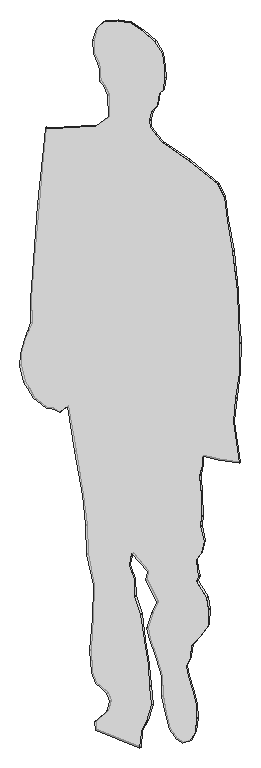
Revit family "Flat Man 01", category Entourage, Revit 2015
Parameters
  Height = 0 mm
  Flat Material [instance] = none
Reference planes
  plane 1 "Center (Front/Back)": y = 0
  plane 2: z = 0
  plane 3 "Center (Left/Right)": x = 0
  plane 4: z = 1600
Forms (mm)
  Extrusion 1, solid, material <- "Flat Material"
    sketch origin (0, 0, 0) x (1, 0, 0) y (0, 0, 1)
      loop
        line (-227.455, 1381.831) -> (-239.669, 1260.617) -> (-252.542, 1118.592) -> (-259.593, 1014.968) -> (-258.563, 957.467) -> (-276.837, 909.528) -> (-287.915, 871.024) -> (-289.762, 839.593) -> (-278.098, 801.823) -> (-267.057, 790.872) -> (-251.731, 770.692) -> (-215.803, 758.221) -> (-202.711, 762.932) -> (-179.542, 760.018) -> (-157.211, 783.494) -> (-136.049, 678.347) -> (-115.314, 576.848) -> (-105.5, 503.248) -> (-102.549, 432.658) -> (-85.01, 361.198) -> (-86.894, 280.635) -> (-93.931, 195.677) -> (-89.574, 140.748) -> (-79.399, 118.748) -> (-62.563, 110.368) -> (-46.046, 105.528) -> (-38.015, 86.212) -> (-46.832, 59.399) -> (-66.265, 37.851) -> (-79.795, 21.341) -> (-78.198, 0) -> (45.48, 0) -> (50.242, 43.235) -> (65.605, 73.583) -> (78.835, 119.38) -> (74.041, 164.118) -> (69.681, 214.97) -> (58.784, 275.054) -> (48.531, 336.209) -> (31.717, 373.876) -> (30.354, 416.037) -> (16.753, 446.407) -> (23.43, 480.086) -> (66.21, 449.695) -> (62.223, 425.561) -> (93.3, 381.983) -> (79.007, 347.879) -> (65.781, 307.232) -> (71.554, 280.193) -> (92.441, 238.018) -> (105.93, 200.675) -> (107.716, 151.648) -> (116.91, 108.409) -> (127.506, 76.111) -> (147.552, 56.678) -> (163.747, 52.375) -> (184.998, 65.876) -> (201.11, 92.898) -> (205.537, 130.656) -> (202.988, 164.343) -> (192.393, 198.036) -> (180.721, 227.009) -> (175.16, 250.078) -> (186.229, 276.03) -> (190.652, 307.567) -> (214.812, 337.908) -> (236.402, 374.902) -> (238.363, 414.807) -> (232.484, 442.597) -> (205.045, 474.157) -> (210.525, 486.597) -> (205.819, 504.194) -> (202.832, 527.26) -> (217.545, 548.49) -> (225.293, 580.346) -> (216.092, 613.608) -> (219.439, 641.82) -> (216.902, 692.027) -> (212.97, 740.734) -> (221.037, 769.585) -> (220.302, 790.827) -> (266.436, 797.443) -> (323.947, 811.238) -> (306.427, 907.908) -> (314.519, 969.479) -> (323.367, 1037.593) -> (325.246, 1110.754) -> (320.571, 1171.262) -> (318.369, 1238.634) -> (305.246, 1333.798) -> (290.282, 1407.08) -> (281.205, 1461.583) -> (263.31, 1488.738) -> (182.768, 1519.909) -> (105.866, 1540.456) -> (75.524, 1563.222) -> (73.285, 1581.139) -> (78.946, 1604.152) -> (95.376, 1627.225) -> (100.055, 1657.714) -> (111.435, 1669.721) -> (115.536, 1702.33) -> (114.054, 1728.292) -> (108.285, 1760.587) -> (88.134, 1783.237) -> (53.389, 1799.462) -> (18.811, 1807.601) -> (-17.737, 1798.336) -> (-54.33, 1783.023) -> (-75.588, 1759.545) -> (-85.162, 1724.473) -> (-84.757, 1692.611) -> (-72.007, 1671.361) -> (-66.867, 1659.986) -> (-67.953, 1642.393) -> (-66.138, 1630.699) -> (-56.596, 1622.217) -> (-43.845, 1603.541) -> (-42.062, 1549.365) -> (-75.342, 1516.778) -> (-213.45, 1460.132) -> (-218.277, 1460.565) -> (-227.455, 1381.831)
    from -2.5 to 2.5
Lines and regions (mm)
  model lines
    curve 1: line (0, 150, 0) -> (0, -150, 0)
    curve 2: line (-150, 0, 0) -> (150, 0, 0)
Dimensions and locks
  aligned and locked: level to plane 2
